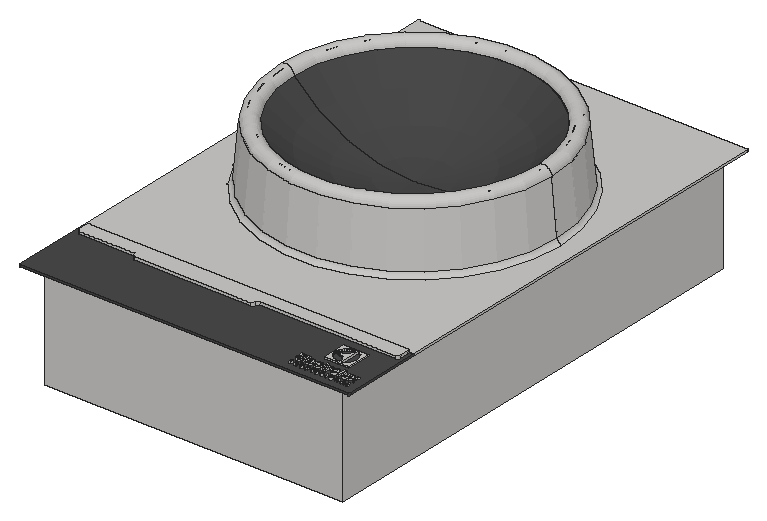
Revit family "QF_ELECTROLUXPROFESSIONAL_600884_E1HCDDOMCT", category Specialty Equipment, Revit 2018
Family settings
  Round Connector Dimension = Use Diameter
  Part Type = Normal
  Work Plane-Based = No
  Always vertical = Yes
  Cut with Voids When Loaded = No
  Shared = No
  Room Calculation Point = No
Parameters
  Watts = 0 W
  Volts = 0 V
  URL = ""
  Steam Supply Size = 0 mm
  Steam Supply Minimum Pressure = 0.0 Pa
  Steam Supply Maximum Pressure = 0.0 Pa
  Steam Pounds per Hour = 0
  Show Logo [instance] = yes
  Manufacturer = ""
  Phase = 0
  Model = ""
  Item Number = ""
  Hot Water Size = 0 mm
  HP = "6.7 HP"
  Gas Size = 0 mm
  Gas KW = 0
  Direct Waste Size = 0 mm
  Description = ""
  Cycle = 0 Hz
  Condensate Return Size = 0 mm
  Compressed Air Volume = 0.0 L/s
  Compressed Air Size = 0 mm
  Compressed Air Pressure = 0.0 Pa
  Cold Water Size = 0 mm
Reference planes
  plane 1 "Centro (Fronte/Retro)": y = 74.737
  plane 2: z = 0
  plane 3: x = -514.269
  plane 4 "LEFT": x = -709.269
  plane 5 "RIGHT": x = -319.269
  plane 6 "BACK": y = 369.737
  plane 7 "FRONT": y = -220.263
  plane 8: y = -124.263
  plane 9: z = 774
  plane 10: x = -690.269
  plane 11: x = -338.269
  plane 12: y = 355.737
  plane 13: y = -205.263
  plane 14: x = -539.269
  plane 15: y = -149.263
  plane 16: z = 900
Forms (mm)
  Extrusion 1, solid, material "QF_Finishes_Stainless Steel"
    sketch origin (0, 0, 774) x (1, 0, 0) y (0, 1, 0)
      loop
        line (-341.269, 352.737) -> (-687.269, 352.737) -> (-687.269, -202.263) -> (-341.269, -202.263) -> (-341.269, 352.737)
      loop
        line (-690.269, 355.737) -> (-690.269, -205.263) -> (-338.269, -205.263) -> (-338.269, 355.737) -> (-690.269, 355.737)
    from 21 to 126
  Extrusion 2, solid, material "QF_Finishes_Black"
    sketch origin (0, 0, 900) x (-1, 0, 0) y (0, -1, 0)
      loop
        line (709.269, 124.263) -> (709.269, 218.263)
        arc (709.269, 218.263) -> (708.683, 219.677) -> (707.269, 220.263) r 2
        line (707.269, 220.263) -> (321.269, 220.263)
        arc (321.269, 220.263) -> (319.854, 219.677) -> (319.269, 218.263) r 2
        line (319.269, 218.263) -> (319.269, 124.263) -> (709.269, 124.263)
    from 0 to 2
  Extrusion 3, solid, material "QF_Finishes_Stainless Steel"
    sketch origin (0, 0, 900) x (-1, 0, 0) y (0, -1, 0)
      loop
        arc (701.269, 124.263) -> (703.39, 125.142) -> (704.269, 127.263) r 3
        line (704.269, 127.263) -> (704.269, 137.763)
        arc (704.269, 137.763) -> (703.39, 139.884) -> (701.269, 140.763) r 3
        line (701.269, 140.763) -> (637.269, 140.763)
        arc (637.269, 140.763) -> (635.147, 141.642) -> (634.269, 143.763) r 3
        arc (634.269, 143.763) -> (633.39, 145.884) -> (631.269, 146.763) r 3
        line (631.269, 146.763) -> (494.269, 146.763)
        arc (494.269, 146.763) -> (492.147, 145.884) -> (491.269, 143.763) r 3
        arc (491.269, 143.763) -> (490.39, 141.642) -> (488.269, 140.763) r 3
        line (488.269, 140.763) -> (327.269, 140.763)
        arc (327.269, 140.763) -> (325.147, 139.884) -> (324.269, 137.763) r 3
        line (324.269, 137.763) -> (324.269, 127.263)
        arc (324.269, 127.263) -> (325.147, 125.142) -> (327.269, 124.263) r 3
        line (327.269, 124.263) -> (701.269, 124.263)
    from 2 to 5
  Extrusion 4, solid, material "QF_Finishes_Stainless Steel"
    sketch origin (0, 0, 775) x (1, 0, 0) y (0, 1, 0)
      loop
        line (-690.269, 355.737) -> (-690.269, -205.263) -> (-338.269, -205.263) -> (-338.269, 355.737) -> (-690.269, 355.737)
    from 0 to 20
  Extrusion 5, solid, material "QF_Finishes_Stainless Steel"
    sketch origin (0, 0, 127) x (-1, 0, 0) y (0, -1, 0)
      loop
        circle (539.269, 149.263) r 10
    from 638.028 to 648
  Revolve 6, solid, material "QF_Finishes_Stainless Steel"
    sketch origin (0, 120.237, 2) x (-1, 0, 0) y (0, 0, 1)
      loop
        arc (349.07, 900) -> (350.454, 902.553) -> (351.23, 905.352) r 12.856
        line (351.23, 905.352) -> (357.255, 968.615)
        arc (357.255, 968.615) -> (361.677, 972.996) -> (366.45, 969) r 4.622
        line (366.45, 969) -> (371.472, 969)
        arc (371.472, 969) -> (361.87, 978) -> (352.269, 969) r 9.622
        line (352.269, 969) -> (346.269, 906)
        arc (346.269, 906) -> (344.567, 902.335) -> (341.269, 900) r 7.856
        line (341.269, 900) -> (349.07, 900)
      axis (514.269, 900) -> (514.269, 969)
    angle from 0 to 360
  Revolve 7, solid, material "QF_Finishes_Black"
    sketch origin (0, 120.237, 2) x (-1, 0, 0) y (0, 0, 1)
      loop
        line (371.472, 969) -> (366.45, 969)
        arc (366.45, 969) -> (432.848, 918.929) -> (514.269, 902) r 190.056
        line (514.269, 902) -> (514.269, 906)
        arc (514.269, 906) -> (436.232, 922.453) -> (371.472, 969) r 193.372
      axis (514.269, 969) -> (514.269, 902)
    angle from 0 to 360
  Extrusion 8, solid, material "QF_Finishes_Stainless Steel"
    sketch origin (0, 96, 900) x (-1, 0, 0) y (0, -1, 0)
      loop
        arc (707.269, -273.737) -> (708.683, -273.151) -> (709.269, -271.737) r 2
        line (709.269, -271.737) -> (709.269, 220.263) -> (319.269, 220.263) -> (319.269, -271.737)
        arc (319.269, -271.737) -> (319.854, -273.151) -> (321.269, -273.737) r 2
        line (321.269, -273.737) -> (707.269, -273.737)
    from 0 to 2
Cuts and joins
  joined: Extrusion 1, Extrusion 4
Lines and regions (mm)
  Split face 1
    outline origin (0, 0, 902) x (-1, 0, 0) y (0, -1, 0)
      loop
        line (324.269, 124.263) -> (704.269, 124.263) -> (704.269, 623.263) -> (324.269, 623.263) -> (324.269, 124.263)
  symbolic lines
    curve 1: line (-701.269, -140.763, 126) -> (-637.269, -140.763, 126)
    curve 2: arc (-637.269, -140.763, 126) -> (-635.147, -141.642, 126) -> (-634.269, -143.763, 126) r 3
    curve 3: arc (-634.269, -143.763, 126) -> (-633.39, -145.884, 126) -> (-631.269, -146.763, 126) r 3
    curve 4: line (-631.269, -146.763, 126) -> (-397.269, -146.763, 126)
    curve 5: arc (-397.269, -146.763, 126) -> (-395.147, -145.884, 126) -> (-394.269, -143.763, 126) r 3
    curve 6: arc (-394.269, -143.763, 126) -> (-393.39, -141.642, 126) -> (-391.269, -140.763, 126) r 3
    curve 7: line (-391.269, -140.763, 126) -> (-327.269, -140.763, 126)
    curve 8: arc (-327.269, -140.763, 126) -> (-325.147, -139.884, 126) -> (-324.269, -137.763, 126) r 3
    curve 9: line (-324.269, -137.763, 126) -> (-324.269, -127.263, 126)
    curve 10: arc (-324.269, -127.263, 126) -> (-325.147, -125.142, 126) -> (-327.269, -124.263, 126) r 3
    curve 11: line (-319.269, -124.263, 126) -> (-709.269, -124.263, 126)
    curve 12: arc (-701.269, -124.263, 126) -> (-703.39, -125.142, 126) -> (-704.269, -127.263, 126) r 3
    curve 13: line (-704.269, -127.263, 126) -> (-704.269, -137.763, 126)
    curve 14: arc (-704.269, -137.763, 126) -> (-703.39, -139.884, 126) -> (-701.269, -140.763, 126) r 3
    curve 15: line (-321.269, 369.737, 126) -> (-707.269, 369.737, 126)
    curve 16: arc (-707.269, 369.737, 126) -> (-708.683, 369.151, 126) -> (-709.269, 367.737, 126) r 2
    curve 17: line (-709.269, 367.737, 126) -> (-709.269, -218.263, 126)
    curve 18: arc (-709.269, -218.263, 126) -> (-708.683, -219.677, 126) -> (-707.269, -220.263, 126) r 2
    curve 19: line (-707.269, -220.263, 126) -> (-321.269, -220.263, 126)
    curve 20: arc (-321.269, -220.263, 126) -> (-319.854, -219.677, 126) -> (-319.269, -218.263, 126) r 2
    curve 21: line (-319.269, -218.263, 126) -> (-319.269, 367.737, 126)
    curve 22: arc (-319.269, 367.737, 126) -> (-319.854, 369.151, 126) -> (-321.269, 369.737, 126) r 2
    curve 23: line (-378.626, -153.452, 126) -> (-378.626, -182.168, 126)
    curve 24: line (-349.912, -153.452, 126) -> (-378.626, -153.452, 126)
    curve 25: line (-349.912, -182.168, 126) -> (-349.912, -153.452, 126)
    curve 26: line (-378.626, -182.168, 126) -> (-349.912, -182.168, 126)
    curve 27: line (-366.78, -170.975, 126) -> (-365.524, -171.98, 126)
    curve 28: line (-365.524, -171.98, 126) -> (-364.403, -173.12, 126)
    curve 29: line (-364.403, -173.12, 126) -> (-363.439, -174.381, 126)
    curve 30: line (-363.439, -174.381, 126) -> (-362.652, -175.748, 126)
    curve 31: arc (-362.652, -175.748, 126) -> (-361.85, -177.982, 126) -> (-361.568, -180.34, 126) r 10.532
    curve 32: arc (-361.568, -180.34, 126) -> (-362.906, -180.548, 126) -> (-364.258, -180.63, 126) r 14.39
    curve 33: line (-364.258, -180.63, 126) -> (-365.828, -180.532, 126)
    curve 34: line (-365.828, -180.532, 126) -> (-367.331, -180.252, 126)
    curve 35: line (-367.331, -180.252, 126) -> (-368.77, -179.801, 126)
    curve 36: line (-368.77, -179.801, 126) -> (-370.134, -179.191, 126)
    curve 37: line (-370.134, -179.191, 126) -> (-371.411, -178.434, 126)
    curve 38: line (-371.411, -178.434, 126) -> (-372.589, -177.541, 126)
    curve 39: line (-372.589, -177.541, 126) -> (-373.656, -176.525, 126)
    curve 40: line (-373.656, -176.525, 126) -> (-374.6, -175.397, 126)
    curve 41: line (-374.6, -175.397, 126) -> (-375.41, -174.168, 126)
    curve 42: line (-375.41, -174.168, 126) -> (-376.073, -172.852, 126)
    curve 43: line (-376.073, -172.852, 126) -> (-376.579, -171.46, 126)
    curve 44: line (-376.579, -171.46, 126) -> (-376.915, -170.003, 126)
    curve 45: line (-376.915, -170.003, 126) -> (-377.069, -168.493, 126)
    curve 46: line (-377.069, -168.493, 126) -> (-374.35, -168.493, 126)
    curve 47: line (-374.35, -168.493, 126) -> (-372.734, -168.602, 126)
    curve 48: line (-372.734, -168.602, 126) -> (-371.148, -168.919, 126)
    curve 49: line (-371.148, -168.919, 126) -> (-369.613, -169.43, 126)
    curve 50: line (-369.613, -169.43, 126) -> (-368.15, -170.12, 126)
    curve 51: line (-368.15, -170.12, 126) -> (-366.78, -170.975, 126)
    curve 52: line (-364.403, -162.507, 126) -> (-365.524, -163.648, 126)
    curve 53: line (-365.524, -163.648, 126) -> (-366.781, -164.654, 126)
    curve 54: line (-366.781, -164.654, 126) -> (-368.151, -165.509, 126)
    curve 55: line (-368.151, -165.509, 126) -> (-369.615, -166.2, 126)
    curve 56: line (-369.615, -166.2, 126) -> (-371.15, -166.712, 126)
    curve 57: line (-371.15, -166.712, 126) -> (-372.736, -167.029, 126)
    curve 58: line (-372.736, -167.029, 126) -> (-374.352, -167.138, 126)
    curve 59: line (-374.352, -167.138, 126) -> (-377.067, -167.138, 126)
    curve 60: line (-377.067, -167.138, 126) -> (-376.852, -165.495, 126)
    curve 61: line (-376.852, -165.495, 126) -> (-376.439, -163.92, 126)
    curve 62: line (-376.439, -163.92, 126) -> (-375.841, -162.424, 126)
    curve 63: line (-375.841, -162.424, 126) -> (-375.07, -161.023, 126)
    curve 64: line (-375.07, -161.023, 126) -> (-374.141, -159.732, 126)
    curve 65: line (-374.141, -159.732, 126) -> (-373.065, -158.564, 126)
    curve 66: line (-373.065, -158.564, 126) -> (-371.856, -157.535, 126)
    curve 67: line (-371.856, -157.535, 126) -> (-370.527, -156.661, 126)
    curve 68: line (-370.527, -156.661, 126) -> (-369.091, -155.954, 126)
    curve 69: line (-369.091, -155.954, 126) -> (-367.562, -155.431, 126)
    curve 70: line (-367.562, -155.431, 126) -> (-365.952, -155.107, 126)
    curve 71: arc (-365.952, -155.107, 126) -> (-363.752, -155.007, 126) -> (-361.567, -155.279, 126) r 13.008
    curve 72: arc (-361.567, -155.279, 126) -> (-361.815, -157.647, 126) -> (-362.651, -159.876, 126) r 9.395
    curve 73: line (-362.651, -159.876, 126) -> (-363.438, -161.245, 126)
    curve 74: line (-363.438, -161.245, 126) -> (-364.403, -162.507, 126)
    curve 75: line (-360.221, -179.969, 126) -> (-360.221, -155.646, 126)
    curve 76: line (-360.221, -155.646, 126) -> (-358.743, -156.237, 126)
    curve 77: line (-358.743, -156.237, 126) -> (-357.363, -157.003, 126)
    curve 78: line (-357.363, -157.003, 126) -> (-356.095, -157.931, 126)
    curve 79: line (-356.095, -157.931, 126) -> (-354.951, -159.007, 126)
    curve 80: line (-354.951, -159.007, 126) -> (-353.945, -160.217, 126)
    curve 81: line (-353.945, -160.217, 126) -> (-353.092, -161.548, 126)
    curve 82: line (-353.092, -161.548, 126) -> (-352.403, -162.986, 126)
    curve 83: line (-352.403, -162.986, 126) -> (-351.894, -164.517, 126)
    curve 84: line (-351.894, -164.517, 126) -> (-351.576, -166.128, 126)
    curve 85: line (-351.576, -166.128, 126) -> (-351.464, -167.804, 126)
    curve 86: line (-351.464, -167.804, 126) -> (-351.567, -169.456, 126)
    curve 87: line (-351.567, -169.456, 126) -> (-351.873, -171.047, 126)
    curve 88: line (-351.873, -171.047, 126) -> (-352.372, -172.563, 126)
    curve 89: line (-352.372, -172.563, 126) -> (-353.05, -173.992, 126)
    curve 90: line (-353.05, -173.992, 126) -> (-353.897, -175.319, 126)
    curve 91: line (-353.897, -175.319, 126) -> (-354.899, -176.532, 126)
    curve 92: line (-354.899, -176.532, 126) -> (-356.044, -177.617, 126)
    curve 93: line (-356.044, -177.617, 126) -> (-357.321, -178.56, 126)
    curve 94: line (-357.321, -178.56, 126) -> (-358.718, -179.349, 126)
    curve 95: line (-358.718, -179.349, 126) -> (-360.221, -179.969, 126)
    curve 96: line (-392.542, -189.445, 126) -> (-399.495, -189.445, 126)
    curve 97: line (-399.495, -189.445, 126) -> (-399.495, -193.353, 126)
    curve 98: line (-399.495, -193.353, 126) -> (-399.495, -197.154, 126)
    curve 99: arc (-399.495, -197.154, 126) -> (-398.466, -199.638, 126) -> (-395.982, -200.667, 126) r 3.513
    curve 100: line (-395.982, -200.667, 126) -> (-392.408, -200.667, 126)
    curve 101: line (-392.408, -200.667, 126) -> (-392.408, -198.85, 126)
    curve 102: line (-392.408, -198.85, 126) -> (-395.966, -198.85, 126)
    curve 103: arc (-395.966, -198.85, 126) -> (-397.094, -198.382, 126) -> (-397.562, -197.254, 126) r 1.596
    curve 104: line (-397.562, -197.254, 126) -> (-397.562, -195.74, 126)
    curve 105: line (-397.562, -195.74, 126) -> (-392.843, -195.74, 126)
    curve 106: line (-392.843, -195.74, 126) -> (-392.843, -193.917, 126)
    curve 107: line (-392.843, -193.917, 126) -> (-397.563, -193.917, 126)
    curve 108: line (-397.563, -193.917, 126) -> (-397.563, -191.264, 126)
    curve 109: line (-397.563, -191.264, 126) -> (-392.542, -191.264, 126)
    curve 110: line (-392.542, -191.264, 126) -> (-392.542, -189.445, 126)
    curve 111: line (-391.035, -189.455, 126) -> (-391.035, -194.76, 126)
    curve 112: line (-391.035, -194.76, 126) -> (-391.035, -200.681, 126)
    curve 113: line (-391.035, -200.681, 126) -> (-389.101, -200.681, 126)
    curve 114: line (-389.101, -200.681, 126) -> (-389.101, -194.721, 126)
    curve 115: line (-389.101, -194.721, 126) -> (-389.101, -189.455, 126)
    curve 116: line (-389.101, -189.455, 126) -> (-391.035, -189.455, 126)
    curve 117: arc (-380.394, -193.787, 126) -> (-383.654, -192.313, 126) -> (-386.913, -193.787, 126) r 4.34
    curve 118: arc (-386.913, -193.787, 126) -> (-387.819, -196.606, 126) -> (-386.913, -199.425, 126) r 4.838
    curve 119: arc (-386.913, -199.425, 126) -> (-383.498, -200.88, 126) -> (-380.082, -199.425, 126) r 4.737
    curve 120: line (-380.082, -199.425, 126) -> (-381.246, -198.293, 126)
    curve 121: arc (-381.246, -198.293, 126) -> (-383.382, -199.237, 126) -> (-385.517, -198.293, 126) r 2.888
    curve 122: arc (-385.517, -198.293, 126) -> (-385.841, -197.736, 126) -> (-385.905, -197.095, 126) r 1.527
    curve 123: line (-385.905, -197.095, 126) -> (-379.564, -197.095, 126)
    curve 124: arc (-379.564, -197.095, 126) -> (-379.672, -195.364, 126) -> (-380.394, -193.787, 126) r 4.757
    curve 125: arc (-385.858, -195.736, 126) -> (-385.043, -194.411, 126) -> (-383.56, -193.941, 126) r 2.23
    curve 126: arc (-383.56, -193.941, 126) -> (-382.221, -194.482, 126) -> (-381.505, -195.736, 126) r 2.201
    curve 127: line (-381.505, -195.736, 126) -> (-385.858, -195.736, 126)
    curve 128: arc (-370.832, -193.681, 126) -> (-378.564, -196.594, 126) -> (-370.832, -199.507, 126) r 4.415
    curve 129: line (-370.832, -199.507, 126) -> (-372.029, -198.26, 126)
    curve 130: arc (-372.029, -198.26, 126) -> (-376.639, -196.593, 126) -> (-372.029, -194.927, 126) r 2.606
    curve 131: line (-372.029, -194.927, 126) -> (-370.832, -193.681, 126)
    curve 132: line (-369.629, -189.455, 126) -> (-369.629, -193.481, 126)
    curve 133: line (-369.629, -193.481, 126) -> (-369.629, -197.299, 126)
    curve 134: arc (-369.629, -197.299, 126) -> (-368.592, -199.893, 126) -> (-365.911, -200.681, 126) r 3.196
    curve 135: line (-365.911, -200.681, 126) -> (-365.904, -198.864, 126)
    curve 136: arc (-365.904, -198.864, 126) -> (-367.239, -198.457, 126) -> (-367.699, -197.14, 126) r 1.542
    curve 137: line (-367.699, -197.14, 126) -> (-367.699, -194.319, 126)
    curve 138: line (-367.699, -194.319, 126) -> (-365.94, -194.319, 126)
    curve 139: line (-365.94, -194.319, 126) -> (-365.94, -192.562, 126)
    curve 140: line (-365.94, -192.562, 126) -> (-367.696, -192.562, 126)
    curve 141: line (-367.696, -192.562, 126) -> (-367.696, -189.455, 126)
    curve 142: line (-367.696, -189.455, 126) -> (-369.629, -189.455, 126)
    curve 143: arc (-359.402, -192.451, 126) -> (-361.13, -192.587, 126) -> (-362.397, -193.771, 126) r 2.627
    curve 144: line (-362.397, -193.771, 126) -> (-362.397, -192.563, 126)
    curve 145: line (-362.397, -192.563, 126) -> (-364.315, -192.563, 126)
    curve 146: line (-364.315, -192.563, 126) -> (-364.315, -196.541, 126)
    curve 147: line (-364.315, -196.541, 126) -> (-364.315, -200.681, 126)
    curve 148: line (-364.315, -200.681, 126) -> (-362.397, -200.681, 126)
    curve 149: line (-362.397, -200.681, 126) -> (-362.397, -196.412, 126)
    curve 150: arc (-362.397, -196.412, 126) -> (-361.445, -194.585, 126) -> (-359.402, -194.319, 126) r 2.229
    curve 151: line (-359.402, -194.319, 126) -> (-359.402, -192.451, 126)
    curve 152: arc (-359.088, -196.625, 126) -> (-354.668, -201.046, 126) -> (-350.248, -196.625, 126) r 4.42
    curve 153: arc (-350.248, -196.625, 126) -> (-354.668, -192.205, 126) -> (-359.088, -196.625, 126) r 4.42
    curve 154: arc (-357.176, -196.625, 126) -> (-354.668, -194.117, 126) -> (-352.16, -196.625, 126) r 2.508
    curve 155: arc (-352.16, -196.625, 126) -> (-354.668, -199.134, 126) -> (-357.176, -196.625, 126) r 2.508
    curve 156: line (-349.058, -194.566, 126) -> (-349.058, -200.682, 126)
    curve 157: line (-349.058, -200.682, 126) -> (-347.124, -200.682, 126)
    curve 158: line (-347.124, -200.682, 126) -> (-347.124, -194.643, 126)
    curve 159: line (-347.124, -194.643, 126) -> (-347.124, -189.454, 126)
    curve 160: line (-347.124, -189.454, 126) -> (-349.058, -189.454, 126)
    curve 161: line (-349.058, -189.454, 126) -> (-349.058, -194.566, 126)
    curve 162: line (-345.646, -192.562, 126) -> (-345.646, -194.915, 126)
    curve 163: line (-345.646, -194.915, 126) -> (-345.646, -197.715, 126)
    curve 164: arc (-345.646, -197.715, 126) -> (-341.931, -201.044, 126) -> (-338.204, -197.728, 126) r 3.745
    curve 165: line (-338.204, -197.728, 126) -> (-338.204, -194.915, 126)
    curve 166: line (-338.204, -194.915, 126) -> (-338.204, -192.562, 126)
    curve 167: line (-338.204, -192.562, 126) -> (-340.152, -192.562, 126)
    curve 168: line (-340.152, -192.562, 126) -> (-340.152, -197.299, 126)
    curve 169: arc (-340.152, -197.299, 126) -> (-341.925, -199.071, 126) -> (-343.697, -197.299, 126) r 1.772
    curve 170: line (-343.697, -197.299, 126) -> (-343.697, -192.562, 126)
    curve 171: line (-343.697, -192.562, 126) -> (-345.646, -192.562, 126)
    curve 172: line (-331.418, -192.563, 126) -> (-333.174, -194.995, 126)
    curve 173: line (-333.174, -194.995, 126) -> (-334.946, -192.563, 126)
    curve 174: line (-334.946, -192.563, 126) -> (-337.039, -192.563, 126)
    curve 175: line (-337.039, -192.563, 126) -> (-335.839, -194.205, 126)
    curve 176: line (-335.839, -194.205, 126) -> (-334.237, -196.397, 126)
    curve 177: line (-334.237, -196.397, 126) -> (-335.916, -198.735, 126)
    curve 178: line (-335.916, -198.735, 126) -> (-337.313, -200.682, 126)
    curve 179: line (-337.313, -200.682, 126) -> (-335.235, -200.682, 126)
    curve 180: line (-335.235, -200.682, 126) -> (-333.174, -197.813, 126)
    curve 181: line (-333.174, -197.813, 126) -> (-331.112, -200.682, 126)
    curve 182: line (-331.112, -200.682, 126) -> (-329.034, -200.682, 126)
    curve 183: line (-329.034, -200.682, 126) -> (-330.891, -198.085, 126)
    curve 184: line (-330.891, -198.085, 126) -> (-332.11, -196.38, 126)
    curve 185: line (-332.11, -196.38, 126) -> (-330.601, -194.325, 126)
    curve 186: line (-330.601, -194.325, 126) -> (-329.308, -192.563, 126)
    curve 187: line (-329.308, -192.563, 126) -> (-331.418, -192.563, 126)
    curve 188: line (-331.398, -205.699, 126) -> (-331.398, -209.59, 126)
    curve 189: line (-331.398, -209.59, 126) -> (-329.102, -209.59, 126)
    curve 190: line (-329.102, -209.59, 126) -> (-329.102, -208.79, 126)
    curve 191: line (-329.102, -208.79, 126) -> (-330.599, -208.79, 126)
    curve 192: line (-330.599, -208.79, 126) -> (-330.599, -205.699, 126)
    curve 193: line (-330.599, -205.699, 126) -> (-331.398, -205.699, 126)
    curve 194: line (-334.574, -209.59, 126) -> (-336.095, -205.7, 126)
    curve 195: line (-336.095, -205.7, 126) -> (-336.895, -205.7, 126)
    curve 196: line (-336.895, -205.7, 126) -> (-338.488, -209.59, 126)
    curve 197: line (-338.488, -209.59, 126) -> (-337.629, -209.59, 126)
    curve 198: line (-337.629, -209.59, 126) -> (-337.25, -208.75, 126)
    curve 199: line (-337.25, -208.75, 126) -> (-335.811, -208.75, 126)
    curve 200: line (-335.811, -208.75, 126) -> (-335.432, -209.59, 126)
    curve 201: line (-335.432, -209.59, 126) -> (-334.574, -209.59, 126)
    curve 202: line (-336.947, -207.983, 126) -> (-336.529, -206.965, 126)
    curve 203: line (-336.529, -206.965, 126) -> (-336.131, -207.983, 126)
    curve 204: line (-336.131, -207.983, 126) -> (-336.947, -207.983, 126)
    curve 205: line (-341.641, -209.59, 126) -> (-341.641, -205.699, 126)
    curve 206: line (-341.641, -205.699, 126) -> (-342.471, -205.699, 126)
    curve 207: line (-342.471, -205.699, 126) -> (-342.471, -208.219, 126)
    curve 208: line (-342.471, -208.219, 126) -> (-344.251, -205.699, 126)
    curve 209: line (-344.251, -205.699, 126) -> (-345.051, -205.699, 126)
    curve 210: line (-345.051, -205.699, 126) -> (-345.051, -209.59, 126)
    curve 211: line (-345.051, -209.59, 126) -> (-344.221, -209.59, 126)
    curve 212: line (-344.221, -209.59, 126) -> (-344.221, -207.143, 126)
    curve 213: line (-344.221, -207.143, 126) -> (-342.441, -209.59, 126)
    curve 214: line (-342.441, -209.59, 126) -> (-341.641, -209.59, 126)
    curve 215: arc (-349.119, -207.668, 126) -> (-350.407, -208.956, 126) -> (-351.695, -207.668, 126) r 1.288
    curve 216: arc (-351.695, -207.668, 126) -> (-350.407, -206.38, 126) -> (-349.119, -207.668, 126) r 1.288
    curve 217: arc (-348.342, -207.668, 126) -> (-350.407, -205.603, 126) -> (-352.472, -207.668, 126) r 2.065
    curve 218: arc (-352.472, -207.668, 126) -> (-350.407, -209.733, 126) -> (-348.342, -207.668, 126) r 2.065
    curve 219: line (-355.791, -209.59, 126) -> (-355.791, -205.699, 126)
    curve 220: line (-355.791, -205.699, 126) -> (-356.591, -205.699, 126)
    curve 221: line (-356.591, -205.699, 126) -> (-356.591, -209.59, 126)
    curve 222: line (-356.591, -209.59, 126) -> (-355.791, -209.59, 126)
    curve 223: arc (-360.746, -209.568, 126) -> (-359.926, -208.793, 126) -> (-360.211, -207.702, 126) r 1.107
    curve 224: arc (-360.211, -207.702, 126) -> (-360.788, -207.348, 126) -> (-361.405, -207.067, 126) r 5.523
    curve 225: arc (-361.405, -207.067, 126) -> (-361.745, -206.55, 126) -> (-361.183, -206.293, 126) r 0.407
    curve 226: arc (-361.183, -206.293, 126) -> (-360.846, -206.498, 126) -> (-360.566, -206.775, 126) r 1.702
    curve 227: line (-360.566, -206.775, 126) -> (-359.88, -206.363, 126)
    curve 228: arc (-359.88, -206.363, 126) -> (-360.313, -205.902, 126) -> (-360.848, -205.566, 126) r 2.463
    curve 229: arc (-360.848, -205.566, 126) -> (-362.518, -206.347, 126) -> (-361.471, -207.864, 126) r 1.207
    curve 230: line (-361.471, -207.864, 126) -> (-361.009, -208.812, 126)
    curve 231: arc (-361.009, -208.812, 126) -> (-361.653, -208.798, 126) -> (-362.132, -208.367, 126) r 0.925
    curve 232: line (-362.132, -208.367, 126) -> (-362.851, -208.718, 126)
    curve 233: arc (-362.851, -208.718, 126) -> (-361.958, -209.538, 126) -> (-360.746, -209.568, 126) r 1.725
    curve 234: arc (-366.606, -209.568, 126) -> (-365.785, -208.793, 126) -> (-366.071, -207.702, 126) r 1.107
    curve 235: arc (-366.071, -207.702, 126) -> (-366.648, -207.348, 126) -> (-367.264, -207.067, 126) r 5.523
    curve 236: arc (-367.264, -207.067, 126) -> (-367.604, -206.55, 126) -> (-367.043, -206.293, 126) r 0.407
    curve 237: arc (-367.043, -206.293, 126) -> (-366.706, -206.498, 126) -> (-366.425, -206.775, 126) r 1.702
    curve 238: line (-366.425, -206.775, 126) -> (-365.74, -206.363, 126)
    curve 239: arc (-365.74, -206.363, 126) -> (-366.172, -205.902, 126) -> (-366.708, -205.566, 126) r 2.463
    curve 240: arc (-366.708, -205.566, 126) -> (-368.378, -206.347, 126) -> (-367.331, -207.864, 126) r 1.207
    curve 241: line (-367.331, -207.864, 126) -> (-366.868, -208.812, 126)
    curve 242: arc (-366.868, -208.812, 126) -> (-367.513, -208.798, 126) -> (-367.991, -208.367, 126) r 0.925
    curve 243: line (-367.991, -208.367, 126) -> (-368.711, -208.718, 126)
    curve 244: arc (-368.711, -208.718, 126) -> (-367.818, -209.538, 126) -> (-366.606, -209.568, 126) r 1.725
    curve 245: line (-373.017, -209.59, 126) -> (-371.761, -209.59, 126)
    curve 246: line (-371.761, -209.59, 126) -> (-371.761, -208.79, 126)
    curve 247: line (-371.761, -208.79, 126) -> (-372.922, -208.79, 126)
    curve 248: arc (-372.922, -208.79, 126) -> (-373.361, -208.576, 126) -> (-373.464, -208.099, 126) r 0.558
    curve 249: line (-373.464, -208.099, 126) -> (-371.907, -208.099, 126)
    curve 250: line (-371.907, -208.099, 126) -> (-371.907, -207.299, 126)
    curve 251: line (-371.907, -207.299, 126) -> (-373.464, -207.299, 126)
    curve 252: line (-373.464, -207.299, 126) -> (-373.464, -206.499, 126)
    curve 253: line (-373.464, -206.499, 126) -> (-371.799, -206.499, 126)
    curve 254: line (-371.799, -206.499, 126) -> (-371.799, -205.699, 126)
    curve 255: line (-371.799, -205.699, 126) -> (-374.264, -205.699, 126)
    curve 256: line (-374.264, -205.699, 126) -> (-374.264, -208.344, 126)
    curve 257: arc (-374.264, -208.344, 126) -> (-373.899, -209.225, 126) -> (-373.017, -209.59, 126) r 1.246
    curve 258: line (-379.169, -209.59, 126) -> (-379.169, -208.099, 126)
    curve 259: line (-379.169, -208.099, 126) -> (-377.704, -208.099, 126)
    curve 260: line (-377.704, -208.099, 126) -> (-377.704, -207.299, 126)
    curve 261: line (-377.704, -207.299, 126) -> (-379.169, -207.299, 126)
    curve 262: line (-379.169, -207.299, 126) -> (-379.169, -206.499, 126)
    curve 263: line (-379.169, -206.499, 126) -> (-377.564, -206.499, 126)
    curve 264: line (-377.564, -206.499, 126) -> (-377.564, -205.699, 126)
    curve 265: line (-377.564, -205.699, 126) -> (-379.969, -205.699, 126)
    curve 266: line (-379.969, -205.699, 126) -> (-379.969, -209.59, 126)
    curve 267: line (-379.969, -209.59, 126) -> (-379.169, -209.59, 126)
    curve 268: arc (-387.472, -207.668, 126) -> (-385.407, -209.733, 126) -> (-383.342, -207.668, 126) r 2.065
    curve 269: arc (-384.119, -207.668, 126) -> (-385.407, -208.956, 126) -> (-386.695, -207.668, 126) r 1.288
    curve 270: arc (-386.695, -207.668, 126) -> (-385.407, -206.38, 126) -> (-384.119, -207.668, 126) r 1.288
    curve 271: arc (-383.342, -207.668, 126) -> (-385.407, -205.603, 126) -> (-387.472, -207.668, 126) r 2.065
    curve 272: line (-390.05, -209.59, 126) -> (-391.058, -207.929, 126)
    curve 273: arc (-391.058, -207.929, 126) -> (-390.677, -206.531, 126) -> (-391.863, -205.699, 126) r 1.26
    curve 274: line (-391.863, -205.699, 126) -> (-393.389, -205.699, 126)
    curve 275: line (-393.389, -205.699, 126) -> (-393.389, -209.59, 126)
    curve 276: line (-393.389, -209.59, 126) -> (-392.589, -209.59, 126)
    curve 277: line (-392.589, -209.59, 126) -> (-392.589, -208.249, 126)
    curve 278: line (-392.589, -208.249, 126) -> (-391.763, -208.249, 126)
    curve 279: line (-391.763, -208.249, 126) -> (-390.957, -209.59, 126)
    curve 280: line (-390.957, -209.59, 126) -> (-390.05, -209.59, 126)
    curve 281: line (-391.782, -207.52, 126) -> (-392.589, -207.52, 126)
    curve 282: line (-392.589, -207.52, 126) -> (-392.589, -206.434, 126)
    curve 283: line (-392.589, -206.434, 126) -> (-391.782, -206.434, 126)
    curve 284: arc (-391.782, -206.434, 126) -> (-391.383, -206.977, 126) -> (-391.782, -207.52, 126) r 0.569
    curve 285: line (-398.667, -209.59, 126) -> (-398.667, -208.271, 126)
    curve 286: line (-398.667, -208.271, 126) -> (-397.697, -208.271, 126)
    curve 287: arc (-397.697, -208.271, 126) -> (-396.674, -206.863, 126) -> (-397.967, -205.699, 126) r 1.3
    curve 288: line (-397.967, -205.699, 126) -> (-399.467, -205.699, 126)
    curve 289: line (-399.467, -205.699, 126) -> (-399.467, -209.59, 126)
    curve 290: line (-399.467, -209.59, 126) -> (-398.667, -209.59, 126)
    curve 291: line (-397.861, -207.52, 126) -> (-398.667, -207.52, 126)
    curve 292: line (-398.667, -207.52, 126) -> (-398.667, -206.434, 126)
    curve 293: line (-398.667, -206.434, 126) -> (-397.861, -206.434, 126)
    curve 294: arc (-397.861, -206.434, 126) -> (-397.461, -206.977, 126) -> (-397.861, -207.52, 126) r 0.569
    curve 295: arc (-687.269, 120.237, 126) -> (-514.269, 293.237, 126) -> (-341.269, 120.237, 126) r 173
    curve 296: arc (-341.269, 120.237, 126) -> (-514.269, -52.763, 126) -> (-687.269, 120.237, 126) r 173
    curve 297: arc (-682.269, 120.237, 126) -> (-514.269, -47.763, 126) -> (-346.269, 120.237, 126) r 168
    curve 298: arc (-657.065, 120.237, 126) -> (-514.269, -22.56, 126) -> (-371.472, 120.237, 126) r 142.797
    curve 299: arc (-371.472, 120.237, 126) -> (-514.269, 263.034, 126) -> (-657.065, 120.237, 126) r 142.797
    curve 300: arc (-346.269, 120.237, 126) -> (-514.269, 288.237, 126) -> (-682.269, 120.237, 126) r 168
    curve 301: arc (-352.269, 120.237, 126) -> (-514.269, 282.237, 126) -> (-676.269, 120.237, 126) r 162
    curve 302: arc (-676.269, 120.237, 126) -> (-514.269, -41.763, 126) -> (-352.269, 120.237, 126) r 162
Dimensions and locks
  equal spacing: plane 4 "LEFT", plane 3, plane 5 "RIGHT"
  plane 4 "LEFT" to plane 5 "RIGHT" = 390 mm
  equal spacing: plane 6 "BACK", plane 1 "Centro (Fronte/Retro)", plane 7 "FRONT"
  plane 6 "BACK" to plane 7 "FRONT" = 590 mm
  locked: plane 4 "LEFT" to plane 10 at 19
  locked: plane 11 to plane 5 "RIGHT" at 19
  locked: plane 6 "BACK" to plane 12 at 14
  locked: plane 13 to plane 7 "FRONT" at 15
  plane 14 to plane 5 "RIGHT" = 220 mm
  plane 15 to plane 7 "FRONT" = 71 mm
  Extrusion 2 to Extrusion 4 = 127 mm
  plane 16 to level = 900 mm
  aligned and locked: level to plane 2
Automatic sketch dimensions
  Extrusion 1 sketch curve to plane 10 = 0 mm
  Extrusion 1 sketch curve to plane 11 = 0 mm
  Extrusion 1 sketch curve to plane 13 = 0 mm
  Extrusion 1 sketch curve to plane 12 = 0 mm
  plane 10 to Extrusion 1 sketch curve = 3 mm
  Extrusion 1 sketch curve to plane 11 = 3 mm
  plane 13 to Extrusion 1 sketch curve = 3 mm
  Extrusion 1 sketch curve to plane 12 = 3 mm
  Extrusion 2 sketch curve to plane 5 "RIGHT" = 0 mm
  Extrusion 2 sketch curve to plane 7 "FRONT" = 0 mm
  Extrusion 2 sketch curve to plane 4 "LEFT" = 0 mm
  Extrusion 2 sketch curve to plane 8 = 0 mm
  Extrusion 2 sketch curve to plane 5 "RIGHT" = 2 mm
  Extrusion 2 sketch curve to Extrusion 2 sketch curve = 2 mm
  Extrusion 3 sketch curve to plane 8 = 0 mm
  Extrusion 3 sketch curve to plane 5 "RIGHT" = 5 mm
  Extrusion 3 sketch curve to Extrusion 3 sketch curve = 3 mm  (x3)
  Extrusion 3 sketch curve to plane 8 = 19.5 mm
  plane 14 to Extrusion 3 sketch curve = 51 mm
  Extrusion 3 sketch curve to Extrusion 3 sketch curve = 6 mm  (x2)
  Extrusion 3 sketch curve to plane 8 = 22.5 mm
  plane 10 to Extrusion 3 sketch curve = 59 mm
  plane 4 "LEFT" to Extrusion 3 sketch curve = 8 mm  (x2)
  Extrusion 3 sketch curve to plane 8 = 3 mm
  Extrusion 3 sketch curve to Extrusion 3 sketch curve = 10.5 mm  (x2)
  Split face 1 sketch curve to Extrusion 2 = 0 mm
  Split face 1 sketch curve to Extrusion 2 = 5 mm  (x2)
  Extrusion 2 to Split face 1 sketch curve = 403 mm
  Extrusion 4 sketch curve to plane 10 = 0 mm
  Extrusion 4 sketch curve to plane 11 = 0 mm
  Extrusion 4 sketch curve to plane 13 = 0 mm
  Extrusion 4 sketch curve to plane 12 = 0 mm
  Extrusion 5 sketch curve to plane 14 = 0 mm
  Extrusion 5 sketch curve to plane 15 = 0 mm
  Revolve 6 sketch curve to Revolve 6 sketch curve = 0 mm  (x6)
  Revolve 6 sketch curve to plane 3 = 0 mm
  Revolve 6 sketch curve to plane 11 = 33.203 mm
  Revolve 6 sketch curve to Revolve 6 sketch curve = 5.022 mm
  Revolve 6 sketch curve to Revolve 6 sketch curve = 4.58 mm
  Revolve 6 sketch curve to Revolve 6 sketch curve = 4.616 mm
  Revolve 6 sketch curve to Revolve 6 sketch curve = 4.986 mm
  plane 9 to Revolve 6 sketch curve = 133.352 mm
  Revolve 6 sketch curve to plane 11 = 12.961 mm
  Revolve 6 sketch curve to Revolve 6 sketch curve = 2.16 mm
  plane 9 to Revolve 6 sketch curve = 134 mm
  Revolve 6 sketch curve to Revolve 6 sketch curve = 4.961 mm
  Revolve 6 sketch curve to plane 11 = 3 mm
  plane 9 to Revolve 6 sketch curve = 196.378 mm
  Revolve 6 sketch curve to Revolve 6 sketch curve = 0.237 mm
  Revolve 6 sketch curve to Revolve 6 sketch curve = 611 mm
  Revolve 7 sketch curve to plane 3 = 0 mm  (x2)
  plane 3 to Revolve 7 sketch curve = 2.959 mm
  Revolve 7 sketch curve to plane 11 = 33.203 mm
  Revolve 7 sketch curve to Revolve 7 sketch curve = 5.022 mm
  Revolve 7 sketch curve to plane 3 = 0.017 mm
  plane 9 to Revolve 7 sketch curve = 134 mm
  plane 9 to Revolve 7 sketch curve = 197 mm
  Revolve 7 sketch curve to Revolve 7 sketch curve = 2 mm
  Revolve 7 sketch curve to Revolve 7 sketch curve = 48.628 mm
  Extrusion 8 sketch curve to plane 5 "RIGHT" = 0 mm
  Extrusion 8 sketch curve to plane 6 "BACK" = 0 mm
  Extrusion 8 sketch curve to plane 4 "LEFT" = 0 mm
  Extrusion 8 sketch curve to plane 8 = 0 mm
  Extrusion 8 sketch curve to plane 5 "RIGHT" = 2 mm
  Extrusion 8 sketch curve to Extrusion 8 sketch curve = 2 mm
  curve 152 to curve 154 = 0 mm  (x2)
  curve 164 to curve 169 = 0 mm  (x2)
  curve 215 to curve 217 = 0 mm  (x2)
  curve 225 to curve 229 = 0 mm  (x2)
  curve 231 to curve 233 = 0 mm  (x2)
  curve 236 to curve 240 = 0 mm  (x2)
  curve 242 to curve 244 = 0 mm  (x2)
  curve 268 to curve 269 = 0 mm  (x2)
  curve 295 to curve 297 = 0 mm  (x2)
  curve 295 to curve 298 = 0 mm  (x2)
  curve 295 to curve 301 = 0 mm  (x2)
  curve 11 to plane 5 "RIGHT" = 0 mm
  curve 22 to plane 6 "BACK" = 0 mm
  curve 20 to plane 7 "FRONT" = 0 mm
  curve 295 to plane 3 = 0 mm
  curve 17 to plane 4 "LEFT" = 0 mm
  curve 15 to plane 5 "RIGHT" = 2 mm
  curve 20 to plane 5 "RIGHT" = 2 mm
  curve 8 to curve 8 = 3 mm
  curve 10 to curve 10 = 3 mm
  plane 13 to curve 182 = 4.581 mm
  plane 11 to curve 182 = 9.234 mm
  curve 190 to plane 13 = 4.327 mm
  curve 182 to curve 190 = 0.068 mm
  curve 182 to curve 187 = 0.273 mm
  curve 190 to curve 192 = 1.496 mm
  curve 186 to curve 185 = 1.293 mm
  curve 182 to curve 183 = 1.857 mm
  curve 182 to curve 182 = 2.078 mm
  curve 192 to curve 193 = 0.8 mm
  curve 185 to curve 172 = 0.817 mm
  curve 183 to curve 184 = 1.22 mm
  curve 184 to curve 180 = 1.064 mm
  curve 184 to curve 172 = 1.064 mm
  curve 172 to curve 177 = 1.063 mm
  curve 188 to curve 201 = 3.175 mm
  curve 172 to curve 173 = 1.772 mm
  plane 11 to curve 179 = 3.033 mm
  curve 194 to curve 201 = 0.859 mm
  curve 200 to curve 200 = 0.379 mm
  curve 173 to curve 175 = 0.893 mm
  curve 179 to curve 178 = 0.68 mm
  curve 194 to plane 13 = 0.437 mm
  plane 11 to curve 194 = 2.174 mm
  curve 199 to curve 204 = 0.32 mm
  curve 203 to curve 203 = 0.398 mm
  curve 194 to curve 195 = 0.8 mm
  curve 203 to curve 204 = 0.815 mm
  plane 11 to curve 175 = 1.23 mm
  curve 202 to curve 198 = 0.304 mm
  plane 11 to curve 179 = 0.955 mm
  plane 11 to curve 197 = 0.64 mm
  plane 11 to curve 166 = 0.064 mm
  curve 197 to plane 11 = 0.219 mm
  curve 168 to plane 11 = 1.884 mm
  curve 196 to curve 205 = 3.153 mm
  curve 169 to curve 164 = 1.772 mm
  curve 205 to curve 214 = 0.8 mm
  curve 213 to curve 207 = 0.03 mm
  curve 213 to plane 13 = 1.88 mm
  curve 207 to curve 213 = 1.749 mm
  curve 209 to plane 13 = 0.436 mm
  curve 212 to curve 209 = 0.031 mm
  curve 211 to curve 211 = 0.831 mm
  curve 170 to curve 162 = 1.95 mm
  curve 162 to curve 159 = 1.478 mm
  curve 158 to curve 161 = 1.934 mm
  curve 160 to curve 25 = 0.854 mm
  curve 215 to plane 13 = 2.405 mm
  curve 210 to curve 215 = 5.356 mm
  curve 85 to plane 11 = 13.196 mm
  curve 85 to curve 86 = 0.102 mm
  curve 85 to curve 85 = 0.112 mm
  curve 86 to curve 87 = 0.306 mm
  curve 84 to curve 83 = 0.317 mm
  curve 87 to curve 88 = 0.499 mm
  curve 83 to curve 83 = 0.51 mm
  curve 88 to curve 89 = 0.679 mm
  curve 82 to curve 82 = 0.688 mm
  curve 89 to curve 90 = 0.846 mm
  curve 81 to curve 81 = 0.854 mm
  curve 156 to curve 154 = 5.61 mm
  curve 90 to curve 91 = 1.002 mm
  curve 80 to curve 79 = 1.005 mm
  curve 215 to curve 222 = 5.384 mm
  curve 91 to curve 92 = 1.146 mm
  curve 79 to curve 79 = 1.144 mm
  curve 219 to curve 221 = 0.8 mm
  curve 92 to curve 94 = 1.277 mm
  curve 78 to curve 78 = 1.269 mm
  curve 93 to curve 94 = 1.396 mm
  curve 77 to curve 77 = 1.38 mm
  curve 152 to curve 151 = 4.734 mm
  curve 227 to plane 13 = 1.1 mm
  curve 220 to curve 227 = 3.289 mm
  curve 150 to curve 143 = 0.669 mm
  curve 143 to curve 150 = 0.097 mm
  curve 76 to curve 75 = 1.478 mm
  curve 227 to plane 13 = 1.512 mm
  curve 228 to curve 227 = 0.686 mm
  curve 227 to curve 223 = 0.424 mm
  curve 230 to plane 13 = 3.549 mm
  curve 223 to curve 230 = 0.019 mm
  curve 223 to curve 231 = 0.322 mm
  curve 226 to curve 225 = 0.787 mm
  curve 230 to plane 13 = 2.601 mm
  curve 231 to curve 230 = 0.159 mm
  curve 230 to curve 228 = 0.407 mm
  curve 228 to curve 226 = 0.016 mm
  curve 232 to plane 13 = 3.104 mm
  curve 226 to curve 232 = 0.238 mm
  curve 151 to curve 144 = 2.995 mm
  curve 150 to curve 149 = 2.229 mm
  curve 75 to curve 73 = 2.43 mm
  curve 75 to curve 30 = 2.431 mm
  curve 232 to plane 13 = 3.455 mm
  curve 231 to curve 232 = 0.719 mm
  curve 233 to curve 224 = 0.53 mm
  curve 72 to curve 73 = 0.787 mm
  curve 31 to curve 29 = 0.787 mm
  curve 75 to curve 33 = 4.037 mm
  curve 29 to curve 71 = 0.823 mm
  curve 149 to curve 146 = 1.918 mm
  curve 73 to curve 74 = 0.965 mm
  curve 29 to curve 29 = 0.964 mm
  curve 71 to curve 32 = 0.187 mm
  curve 28 to curve 28 = 1.121 mm
  curve 52 to curve 53 = 1.121 mm
  curve 238 to plane 13 = 1.1 mm
  curve 233 to curve 238 = 2.889 mm
  curve 32 to curve 33 = 1.57 mm
  plane 13 to curve 135 = 6.399 mm
  curve 147 to curve 135 = 1.589 mm
  plane 13 to curve 135 = 4.582 mm
  curve 147 to curve 135 = 1.596 mm
  curve 145 to curve 139 = 1.625 mm
  curve 75 to curve 70 = 5.73 mm
  curve 135 to curve 136 = 0.266 mm
  curve 238 to plane 13 = 1.512 mm
  curve 239 to curve 238 = 0.686 mm
  curve 136 to curve 134 = 0.271 mm
  curve 27 to curve 51 = 1.256 mm
  curve 52 to curve 54 = 1.256 mm
  curve 237 to curve 234 = 0.424 mm
  curve 241 to plane 13 = 3.549 mm
  curve 234 to curve 241 = 0.019 mm
  curve 234 to curve 244 = 0.322 mm
  curve 237 to curve 236 = 0.787 mm
  curve 241 to plane 13 = 2.601 mm
  curve 242 to curve 241 = 0.159 mm
  curve 33 to curve 34 = 1.503 mm
  curve 71 to curve 70 = 1.61 mm
  curve 139 to curve 142 = 1.755 mm
  curve 134 to curve 137 = 1.257 mm
  curve 240 to curve 239 = 0.407 mm
  curve 239 to curve 237 = 0.016 mm
  curve 243 to plane 13 = 3.104 mm
  curve 237 to curve 243 = 0.238 mm
  curve 27 to curve 50 = 1.37 mm
  curve 53 to curve 54 = 1.37 mm
  curve 243 to plane 13 = 3.455 mm
  curve 242 to curve 243 = 0.719 mm
  curve 34 to curve 35 = 1.439 mm
  curve 69 to curve 68 = 1.53 mm
  curve 243 to curve 235 = 0.53 mm
  curve 50 to curve 49 = 1.463 mm
  curve 54 to curve 56 = 1.464 mm
  curve 141 to curve 142 = 1.934 mm
  curve 35 to curve 36 = 1.364 mm
  curve 68 to curve 67 = 1.436 mm
  plane 13 to curve 131 = 11.582 mm
  curve 132 to curve 131 = 1.203 mm
  plane 13 to curve 129 = 5.756 mm
  curve 134 to curve 129 = 1.203 mm
  curve 67 to curve 72 = 0.433 mm
  curve 49 to curve 49 = 1.535 mm
  curve 55 to curve 56 = 1.535 mm
  curve 36 to curve 37 = 1.277 mm
  curve 243 to curve 247 = 3.05 mm
  curve 246 to curve 254 = 0.038 mm
  curve 67 to curve 66 = 1.329 mm
  curve 246 to curve 250 = 0.146 mm
  plane 13 to curve 129 = 7.003 mm
  curve 129 to curve 129 = 1.197 mm
  plane 13 to curve 131 = 10.336 mm
  curve 131 to curve 131 = 1.197 mm
  curve 37 to curve 31 = 0.689 mm
  curve 37 to curve 39 = 1.178 mm
  curve 48 to curve 47 = 1.586 mm
  curve 47 to curve 58 = 0.002 mm
  curve 246 to curve 247 = 1.161 mm
  curve 248 to curve 245 = 0.095 mm
  curve 66 to curve 65 = 1.209 mm
  curve 253 to curve 253 = 1.664 mm
  curve 257 to curve 249 = 0.446 mm
  curve 38 to curve 39 = 1.067 mm
  curve 129 to curve 130 = 2.004 mm
  curve 65 to curve 64 = 1.076 mm
  curve 130 to curve 128 = 0.116 mm
  curve 255 to plane 13 = 0.436 mm
  curve 252 to curve 255 = 0.8 mm
  curve 47 to curve 46 = 1.616 mm
  curve 46 to curve 58 = 0.002 mm
  curve 39 to curve 40 = 0.944 mm
  curve 64 to curve 64 = 0.93 mm
  curve 40 to curve 41 = 0.81 mm
  curve 63 to curve 62 = 0.771 mm
  curve 41 to curve 43 = 0.664 mm
  curve 62 to curve 62 = 0.598 mm
  curve 42 to curve 44 = 0.506 mm
  curve 61 to curve 61 = 0.413 mm
  curve 43 to curve 44 = 0.336 mm
  curve 60 to curve 60 = 0.215 mm
  curve 59 to curve 45 = 0.002 mm
  curve 263 to plane 13 = 1.236 mm
  curve 255 to curve 263 = 3.3 mm
  curve 263 to curve 260 = 0.141 mm
  curve 65 to curve 23 = 5.561 mm
  curve 259 to curve 258 = 1.464 mm
  curve 261 to curve 258 = 0 mm
  curve 128 to curve 123 = 5.415 mm
  curve 266 to plane 13 = 0.436 mm
  curve 262 to curve 266 = 0.8 mm
  plane 13 to curve 120 = 5.838 mm
  curve 124 to curve 120 = 0.518 mm
  plane 13 to curve 120 = 6.97 mm
  curve 120 to curve 120 = 1.164 mm
  curve 124 to curve 127 = 1.941 mm
  curve 126 to curve 118 = 1.476 mm
  curve 118 to curve 121 = 0.401 mm
  curve 121 to curve 119 = 0.116 mm
  curve 121 to curve 117 = 0.272 mm
  curve 119 to curve 126 = 0.171 mm
  curve 126 to curve 125 = 0.001 mm
  curve 117 to curve 124 = 0.632 mm
  curve 124 to curve 122 = 0.102 mm
  curve 268 to plane 13 = 2.405 mm
  curve 266 to curve 268 = 5.439 mm
  curve 124 to curve 127 = 1.572 mm
  curve 125 to curve 123 = 0.048 mm
  curve 127 to curve 115 = 3.244 mm
  curve 268 to curve 280 = 4.643 mm
  curve 279 to plane 13 = 4.327 mm
  curve 272 to curve 279 = 0.907 mm
  curve 113 to curve 112 = 1.933 mm
  curve 272 to plane 13 = 2.666 mm
  curve 279 to curve 272 = 0.101 mm
  curve 23 to curve 6 = 12.643 mm
  curve 273 to curve 278 = 0.705 mm
  curve 273 to curve 283 = 0.725 mm
  curve 278 to curve 281 = 0.02 mm
  curve 284 to curve 274 = 0.08 mm
  curve 273 to curve 284 = 0.089 mm
  curve 112 to curve 101 = 1.373 mm
  curve 111 to curve 110 = 1.507 mm
  curve 278 to curve 277 = 0.826 mm
  curve 281 to curve 277 = 0 mm
  curve 111 to curve 106 = 1.808 mm
  curve 276 to curve 276 = 0.8 mm
  curve 101 to curve 102 = 3.558 mm
  curve 103 to curve 100 = 0.017 mm
  curve 6 to curve 5 = 6 mm
  curve 99 to curve 104 = 1.58 mm
  curve 104 to curve 107 = 0.001 mm
  curve 275 to curve 286 = 4.308 mm
  curve 286 to curve 291 = 0.164 mm
  curve 293 to curve 291 = 0 mm
  curve 294 to curve 287 = 0.107 mm
  curve 287 to curve 294 = 0.063 mm
  curve 287 to curve 290 = 0.97 mm
  curve 294 to curve 292 = 0.806 mm
  curve 285 to curve 290 = 0.8 mm
  curve 108 to curve 96 = 1.932 mm
  curve 3 to plane 8 = 19.5 mm
  plane 10 to curve 3 = 59 mm
  curve 3 to curve 2 = 6 mm
  curve 12 to plane 8 = 3 mm
  plane 4 "LEFT" to curve 12 = 8 mm
  curve 1 to curve 13 = 3 mm
  plane 4 "LEFT" to curve 15 = 2 mm
  plane 4 "LEFT" to curve 19 = 2 mm
  curve 299 to plane 1 "Centro (Fronte/Retro)" = 45.5 mm
  curve 12 to curve 14 = 10.5 mm
  curve 10 to curve 8 = 10.5 mm
  curve 6 to curve 5 = 3 mm
  curve 5 to curve 4 = 3 mm
  curve 6 to curve 23 = 9.689 mm
  curve 23 to curve 70 = 1.654 mm
  curve 71 to curve 69 = 0.325 mm
  curve 69 to curve 72 = 0.059 mm
  curve 70 to curve 75 = 0.539 mm
  curve 69 to curve 69 = 0.523 mm
  curve 75 to curve 77 = 0.591 mm
  curve 72 to curve 68 = 1.171 mm
  curve 76 to curve 77 = 0.766 mm
  curve 67 to curve 66 = 0.875 mm
  curve 77 to curve 79 = 0.928 mm
  curve 66 to curve 65 = 1.029 mm
  curve 78 to curve 80 = 1.076 mm
  curve 65 to curve 65 = 1.168 mm
  curve 75 to curve 73 = 4.231 mm
  curve 79 to curve 81 = 1.21 mm
  curve 64 to curve 64 = 1.292 mm
  curve 72 to curve 74 = 1.368 mm
  curve 80 to curve 81 = 1.331 mm
  curve 63 to curve 62 = 1.401 mm
  curve 73 to curve 52 = 1.262 mm
  curve 81 to curve 82 = 1.438 mm
  curve 52 to curve 53 = 1.141 mm
  curve 62 to curve 62 = 1.495 mm
  curve 82 to curve 83 = 1.531 mm
  curve 52 to curve 54 = 1.006 mm
  curve 61 to curve 61 = 1.575 mm
  curve 53 to curve 54 = 0.856 mm
  curve 83 to curve 85 = 1.611 mm
  curve 54 to curve 55 = 0.691 mm
  curve 52 to curve 32 = 2.593 mm
  curve 55 to curve 56 = 0.512 mm
  curve 56 to curve 57 = 0.318 mm
  curve 60 to curve 60 = 1.644 mm
  curve 84 to curve 86 = 1.677 mm
  curve 32 to curve 71 = 1.764 mm
  curve 58 to curve 47 = 1.354 mm
  curve 57 to curve 48 = 1.573 mm
  curve 47 to curve 48 = 0.317 mm
  curve 48 to curve 50 = 0.511 mm
  curve 85 to curve 87 = 1.652 mm
  curve 45 to curve 44 = 1.51 mm
  curve 49 to curve 51 = 0.69 mm
  curve 50 to curve 51 = 0.855 mm
  curve 86 to curve 87 = 1.591 mm
  curve 44 to curve 44 = 1.457 mm
  curve 27 to curve 27 = 1.005 mm
  curve 87 to curve 88 = 1.516 mm
  curve 43 to curve 42 = 1.393 mm
  curve 27 to curve 29 = 1.14 mm
  curve 88 to curve 90 = 1.429 mm
  curve 42 to curve 41 = 1.316 mm
  curve 28 to curve 30 = 1.261 mm
  curve 89 to curve 90 = 1.327 mm
  curve 41 to curve 40 = 1.228 mm
  curve 29 to curve 30 = 1.367 mm
  curve 40 to curve 40 = 1.128 mm
  curve 90 to curve 92 = 1.213 mm
  curve 39 to curve 38 = 1.016 mm
  curve 91 to curve 93 = 1.085 mm
  curve 38 to curve 37 = 0.893 mm
  curve 92 to curve 93 = 0.943 mm
  curve 37 to curve 37 = 0.757 mm
  curve 93 to curve 94 = 0.789 mm
  curve 36 to curve 36 = 0.61 mm
  curve 94 to curve 75 = 0.62 mm
  curve 35 to curve 34 = 0.451 mm
  curve 37 to curve 31 = 1.968 mm
  curve 34 to curve 34 = 0.28 mm
  curve 33 to curve 33 = 0.098 mm
  curve 91 to curve 25 = 5.636 mm
  curve 96 to curve 120 = 8.848 mm
  curve 25 to curve 159 = 7.286 mm
  curve 96 to curve 115 = 0.01 mm
  curve 142 to curve 128 = 4.226 mm
  curve 96 to curve 110 = 1.819 mm
  curve 141 to curve 151 = 2.995 mm
  curve 159 to curve 166 = 3.108 mm
  curve 159 to curve 162 = 3.108 mm
  curve 141 to curve 141 = 3.107 mm
  curve 151 to curve 144 = 0.113 mm
  curve 166 to curve 173 = 0.001 mm
  curve 173 to curve 187 = 0 mm
  curve 108 to curve 97 = 2.089 mm
  curve 132 to curve 131 = 0.2 mm
  curve 144 to curve 144 = 1.208 mm
  curve 97 to curve 107 = 0.564 mm
  curve 173 to curve 175 = 1.642 mm
  curve 140 to curve 137 = 1.756 mm
  curve 151 to curve 143 = 0.672 mm
  curve 172 to curve 186 = 1.761 mm
  curve 162 to curve 156 = 2.004 mm
  curve 156 to curve 159 = 0.077 mm
  curve 106 to curve 114 = 0.804 mm
  curve 114 to curve 112 = 0.039 mm
  curve 158 to curve 163 = 0.272 mm
  curve 166 to curve 166 = 2.353 mm
  curve 185 to curve 173 = 0.67 mm
  curve 114 to curve 127 = 1.016 mm
  curve 106 to curve 106 = 1.823 mm
  curve 126 to curve 126 = 0.403 mm
  curve 126 to curve 119 = 0.003 mm
  curve 126 to curve 125 = 0.029 mm
  curve 119 to curve 121 = 0.207 mm
  curve 172 to curve 185 = 1.386 mm
  curve 172 to curve 177 = 1.402 mm
  curve 125 to curve 124 = 0.353 mm
  curve 149 to curve 146 = 0.129 mm
  curve 121 to curve 118 = 0.257 mm
  curve 151 to curve 152 = 2.307 mm
  curve 121 to curve 117 = 0.304 mm
  curve 125 to curve 123 = 1.358 mm
  curve 137 to curve 135 = 1.724 mm
  curve 104 to curve 99 = 1.414 mm
  curve 104 to curve 104 = 1.514 mm
  curve 124 to curve 122 = 0.744 mm
  curve 162 to curve 170 = 2.384 mm
  curve 137 to curve 133 = 0.159 mm
  curve 170 to curve 163 = 0.416 mm
  curve 176 to curve 181 = 1.417 mm
  curve 184 to curve 184 = 1.705 mm
  curve 164 to curve 178 = 1.007 mm
  curve 135 to curve 148 = 0 mm
  curve 100 to curve 112 = 0.014 mm
  curve 163 to curve 157 = 2.967 mm
  curve 177 to curve 178 = 1.947 mm
  curve 193 to plane 13 = 0.436 mm
  curve 274 to plane 13 = 0.436 mm
  curve 289 to plane 13 = 0.436 mm
  curve 205 to plane 13 = 0.436 mm
  curve 221 to plane 13 = 0.436 mm
  curve 288 to curve 293 = 0.735 mm
  curve 282 to curve 273 = 0.525 mm
  curve 255 to curve 252 = 0.8 mm
  curve 240 to curve 237 = 0.112 mm
  curve 225 to curve 226 = 0.112 mm
  curve 195 to curve 203 = 1.265 mm
  curve 273 to curve 284 = 0.018 mm
  curve 294 to curve 294 = 0.543 mm
  curve 294 to curve 287 = 0.022 mm
  curve 262 to curve 261 = 0.8 mm
  curve 252 to curve 252 = 0.8 mm
  curve 228 to curve 230 = 0.061 mm
  curve 239 to curve 240 = 0.061 mm
  curve 239 to curve 237 = 0.035 mm
  curve 228 to curve 226 = 0.035 mm
  curve 202 to curve 204 = 1.018 mm
  curve 250 to curve 250 = 0.8 mm
  curve 261 to curve 258 = 0.8 mm
  curve 212 to curve 207 = 1.076 mm
  curve 248 to curve 248 = 0.134 mm
  curve 281 to curve 278 = 0.729 mm
  curve 248 to curve 256 = 0.245 mm
  curve 234 to curve 242 = 0.324 mm
  curve 223 to curve 231 = 0.324 mm
  curve 202 to curve 198 = 0.767 mm
  curve 190 to curve 189 = 0.8 mm
  curve 220 to curve 221 = 3.891 mm
  curve 207 to curve 214 = 1.371 mm
  curve 212 to curve 213 = 0 mm
  curve 285 to curve 285 = 1.319 mm
  curve 258 to curve 267 = 1.491 mm
  curve 277 to curve 275 = 1.341 mm
  curve 199 to curve 201 = 0.84 mm
  curve 198 to curve 198 = 0.84 mm
  curve 233 to curve 224 = 3.506 mm
  curve 243 to curve 235 = 3.506 mm
  curve 295 to plane 11 = 3 mm
  curve 295 to curve 300 = 5 mm
  curve 217 to curve 215 = 2.065 mm
  curve 217 to curve 216 = 0.776 mm
  curve 156 to curve 153 = 1.19 mm
  curve 152 to curve 155 = 1.912 mm
  curve 297 to curve 301 = 6 mm
  curve 224 to curve 227 = 0.355 mm
  curve 223 to curve 230 = 0.263 mm
  curve 225 to curve 226 = 0 mm
  curve 235 to curve 238 = 0.355 mm
  curve 244 to curve 241 = 0.263 mm
  curve 236 to curve 237 = 0 mm
  curve 301 to curve 299 = 19.203 mm
  curve 124 to curve 127 = 1.111 mm
  curve 271 to curve 268 = 2.065 mm
  curve 268 to curve 269 = 0.776 mm
  curve 127 to curve 117 = 1.055 mm
  curve 10 to plane 8 = 0 mm
  curve 9 to plane 5 "RIGHT" = 5 mm
  Revolve 6 sketch curve to plane 11 = 0.264 mm
  plane 9 to Revolve 6 sketch curve = 128 mm
  Revolve 7 sketch curve to Revolve 7 sketch curve = 4 mm
  radius of Extrusion 5 sketch curve = 10 mm
Nested families
  nested 1: "ELX_Logo_Professional" at (-364.269, -185.263, 902), visible <- "Show Logo", type "ELX_Logo_Professional"
Connectors
  electrical at (-539.269, -149.263, 765.028)
    settings: on Extrusion 5, index 1, voltage 0 V, apparent load 0 VA, apparent load phase1 0 VA, apparent load phase2 0 VA, apparent load phase3 0 VA, power factor 1, load classification "Altro", number of poles 1, system type 30, power factor state 1, is connector primary yes, connector utility no, sub classification motor no, connector description "Electrical"
Definition of nested family "ELX_Logo_Professional"
  Parameters (values of type "ELX_Logo_Professional")
    Default Elevation = 0 mm
  Reference planes
    plane 1 "Centro (Fronte/Retro)": y = 0
    plane 2: z = 0
    plane 3 "Centro (Sinistra/Destra)": x = 0
  Forms (mm)
    Extrusion 1, solid
      sketch origin (0, 0, 0) x (1, 0, 0) y (0, 1, 0)
        loop
          line (-1219.2, 1219.2) -> (-1219.2, -1219.2) -> (1219.2, -1219.2) -> (1219.2, 1219.2) -> (-1219.2, 1219.2)
      from 0 to -304.8
    Extrusion 2, solid
      sketch origin (-144.622, -1081.55, 0) x (-1, 0, 0) y (0, -1, 0)
        loop
          line (-130.265, -1113.361) -> (-130.265, -1084.645) -> (-158.979, -1084.645) -> (-158.979, -1113.361) -> (-130.265, -1113.361)
        loop
          arc (-146.24, -1106.937) -> (-147.076, -1109.166) -> (-147.324, -1111.534) r 9.395
          arc (-147.324, -1111.534) -> (-145.139, -1111.806) -> (-142.939, -1111.706) r 13.008
          line (-142.939, -1111.706) -> (-141.329, -1111.382) -> (-139.8, -1110.859) -> (-138.364, -1110.152) -> (-137.035, -1109.277) -> (-135.826, -1108.249) -> (-134.751, -1107.081) -> (-133.821, -1105.789) -> (-133.05, -1104.389) -> (-132.452, -1102.893) -> (-132.039, -1101.318) -> (-131.824, -1099.675) -> (-134.539, -1099.675) -> (-136.155, -1099.784) -> (-137.741, -1100.101) -> (-139.277, -1100.613) -> (-140.74, -1101.304) -> (-142.111, -1102.159) -> (-143.367, -1103.165) -> (-144.488, -1104.306) -> (-145.453, -1105.568) -> (-146.24, -1106.937)
        loop
          line (-148.67, -1086.844) -> (-150.173, -1087.464) -> (-151.57, -1088.253) -> (-152.847, -1089.196) -> (-153.992, -1090.281) -> (-154.994, -1091.494) -> (-155.841, -1092.821) -> (-156.519, -1094.25) -> (-157.018, -1095.766) -> (-157.324, -1097.357) -> (-157.427, -1099.009) -> (-157.315, -1100.685) -> (-156.998, -1102.296) -> (-156.488, -1103.827) -> (-155.799, -1105.265) -> (-154.946, -1106.596) -> (-153.94, -1107.806) -> (-152.796, -1108.882) -> (-151.528, -1109.81) -> (-150.148, -1110.576) -> (-148.67, -1111.167) -> (-148.67, -1086.844)
        loop
          arc (-147.323, -1086.473) -> (-147.041, -1088.83) -> (-146.239, -1091.065) r 10.532
          line (-146.239, -1091.065) -> (-145.452, -1092.432) -> (-144.488, -1093.693) -> (-143.367, -1094.833) -> (-142.111, -1095.838) -> (-140.741, -1096.693) -> (-139.278, -1097.383) -> (-137.743, -1097.894) -> (-136.157, -1098.211) -> (-134.541, -1098.32) -> (-131.822, -1098.32) -> (-131.976, -1096.81) -> (-132.312, -1095.353) -> (-132.818, -1093.961) -> (-133.481, -1092.644) -> (-134.291, -1091.416) -> (-135.235, -1090.288) -> (-136.302, -1089.272) -> (-137.48, -1088.379) -> (-138.757, -1087.622) -> (-140.121, -1087.012) -> (-141.56, -1086.561) -> (-143.063, -1086.281) -> (-144.633, -1086.183)
